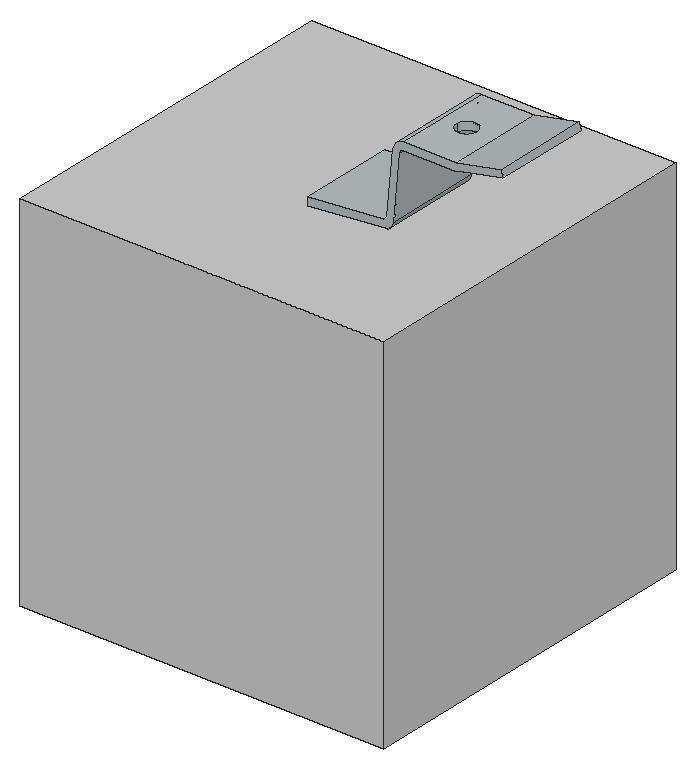
Revit family "REC-CH15160", category Structural Connections, host Face, Revit 2024
Family settings
  Host = Face
  Material for Model Behavior = Steel
  Enable Cutting in Views = Yes
  Cut with Voids When Loaded = Yes
  Shared = No
Parameters (values of type "CH15160")
  Visible = yes
  URL_Product_(Producto) = ""
  URL_DataSheet_(FichaTecnica) = ""
  URL_CE_Marking_(MarcadoCE) = ""
  Type IFC Predefined Type = "Brackets"
  Type Comments = ""
  URL = "https://recense.com/"
  Model = "CH15160"
  Manufacturer = "RECENSE"
  Keynote_ESP = "Anclaje antivuelco para fijación de paneles aviga canalón de hormigón de espesor desde 60 a 80 mm."
  Keynote = "Anti-tip anchor for fixing concrete gutter beam panels from 60 to 80 mm thick."
  IFCExportType = Classification.Uniclass.Pr.Description  # "Carbon steel anchor plates"
  IFCExportAs = "IfcElementAssembly"
  Fecha de Creacion: = "01/03/2024"
  Fecha Ultima Revision: = "01/03/2024"
  Export Type to IFC As = "IfcElementAssembly"
  Description_ESP = "Grapa de fijación a viga canalón."
  Description = "Gutter beam fixing clamp."
  Default Elevation = 0.0 mm
  Creado por: = "Deliprogal SL"
  Cost = 0
  Classification.Uniclass.Ss.Number = ""
  Classification.Uniclass.Ss.Description = ""
  Classification.Uniclass.Pr.Number = "Pr_20_29_03_10"
  Classification.Uniclass.Pr.Description = "Carbon steel anchor plates"
  Classification.Uniclass.EF.Number = ""
  Classification.Uniclass.EF.Description = ""
  Classification.Space.Number = ""
  Classification.Space.Description = ""
  Classification.Facility.Number = ""
  Classification.Facility.Description = ""
  Assembly Code = ""
Reference planes
  plane 1 "Center (Front/Back)": y = 0
  plane 2: z = 0
  plane 3 "Center (Left/Right)": x = 0
Forms (mm)
  Extrusion 1, solid, material "REC_Base"
    sketch origin (0, -719.2, 0) x (1, 0, 0) y (0, 1, 0)
      loop
        line (-150, 869.2) -> (-150, 569.2) -> (150, 569.2) -> (150, 869.2) -> (-150, 869.2)
    from 0 to -300
  Extrusion 2, solid, material "REC_Acero, S 275JR (Zincado)"
    sketch origin (67.282, -40.98, 40.175) x (0, 0, 1) y (1, 0, 0)
      loop
        line (-34.577, -3.297) -> (-40.175, -67.282) -> (-34.197, -67.805) -> (-28.743, -5.462)
        arc (-28.743, -5.462) -> (-27.894, -3.621) -> (-26.068, -2.74) r 3
        line (-26.068, -2.74) -> (26.068, 2.74)
        arc (26.068, 2.74) -> (31.816, 5.668) -> (34.127, 11.691) r 9
        line (34.127, 11.691) -> (34.127, 54.293) -> (42.134, 91.96) -> (36.265, 93.207) -> (28.368, 56.054)
        arc (28.368, 56.054) -> (28.188, 54.917) -> (28.127, 53.767) r 11
        line (28.127, 53.767) -> (28.127, 11.691)
        arc (28.127, 11.691) -> (27.357, 9.683) -> (25.441, 8.707) r 3
        line (25.441, 8.707) -> (-28.335, 3.055)
        arc (-28.335, 3.055) -> (-32.596, 1) -> (-34.577, -3.297) r 7
    from 0 to 80
  Extrusion 3, void
    sketch origin (67.282, -40.98, 40.175) x (1, 0, 0) y (0, 1, 0)
      loop
        circle (31.691, 40) r 8.5
    from 28.127 to 34.127
Cuts and joins
  Extrusion 3 cuts Extrusion 2
Dimensions and locks
  aligned and locked: plane 2 to Extrusion 1
  aligned and locked: level to Extrusion 1
